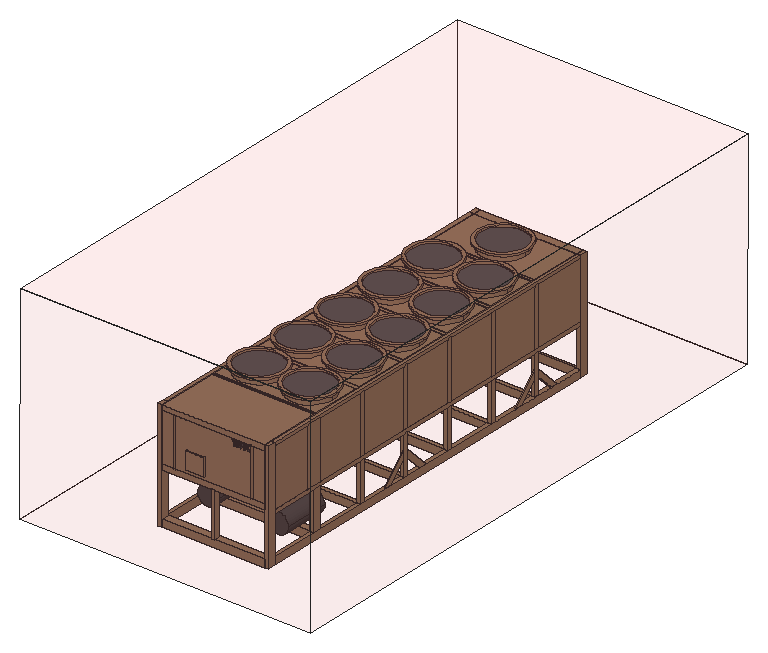
Revit family (continued)
Definition of nested family "Liquid Chiller, Direct Expansion Plan View"
  Dimensions and locks (in)
    equal spacing: plane 27 "Bottom Arrow Left", plane 13 "Bottom Arrow", plane 28 "Bottom Arrow Right"
    "Arrow Height": plane 27 "Bottom Arrow Left" to plane 28 "Bottom Arrow Right"
    "Arrow Depth": plane 29 "Arrow Middle" to plane 3 "Left"
    equal spacing: plane 16 "Arrow Left", plane 29 "Arrow Middle", plane 17 "Arrow Right"
    "Arrow Width": plane 16 "Arrow Left" to plane 17 "Arrow Right"
    plane 30 "Lettering" to plane 15 "Arrow Lines" = 6"
    "Pipe Radius": plane 21 "Bottom Curve" to plane 7 "Water In Line"
    "Pipe Gap": plane 6 "Return Line" to plane 7 "Water In Line"
    aligned and locked: curve 1 to plane 8 "Top"
    aligned and locked: curve 3 to plane 9 "Bottom"
    aligned and locked: curve 4 to plane 4 "Right"
    aligned and locked: plane 6 "Return Line" to curve 5
    aligned and locked: nested 3 to plane 7 "Water In Line"
    aligned and locked: nested 2 to plane 6 "Return Line"
    aligned and locked: plane 11 "Top Arrow" to curve 7
    aligned and locked: Filled region 1 to plane 19 "Top Arrow Right"  (x2)
    aligned and locked: Filled region 1 sketch curve to plane 19 "Top Arrow Right"
    aligned and locked: Filled region 1 sketch curve to plane 18 "Top Arrow Left"
    aligned and locked: curve 7 to Filled region 1 sketch curve
    aligned and locked: plane 13 "Bottom Arrow" to curve 11
    aligned and locked: plane 22 "Bottom Arrow Line" to curve 11
    aligned and locked: curve 12 to plane 15 "Arrow Lines"
    aligned and locked: plane 15 "Arrow Lines" to curve 13
    aligned and locked: curve 12 to plane 6 "Return Line"
    aligned and locked: curve 13 to plane 7 "Water In Line"
    aligned and locked: plane 23 "Water Out Top" to Filled region 2 sketch curve
    aligned and locked: plane 24 "Water Out Bottom" to Filled region 2 sketch curve
    aligned and locked: Filled region 2 sketch curve to plane 16 "Arrow Left"
    aligned and locked: plane 16 "Arrow Left" to Filled region 3 sketch curve
    aligned and locked: Filled region 3 sketch curve to plane 26 "Water In Top"
    aligned and locked: Filled region 3 sketch curve to plane 25 "Water In Bottom"
    aligned and locked: plane 17 "Arrow Right" to Filled region 3 sketch curve
    aligned and locked: plane 9 "Bottom" to Filled region 4 sketch curve
    aligned and locked: Filled region 4 sketch curve to plane 12 "Bottom Arrow Bottom"
    aligned and locked: plane 27 "Bottom Arrow Left" to Filled region 4 sketch curve
    aligned and locked: plane 28 "Bottom Arrow Right" to Filled region 4 sketch curve
    aligned and locked: nested 1 to plane 4 "Right"
    aligned and locked: nested 3 to plane 30 "Lettering"
    aligned and locked: plane 30 "Lettering" to nested 2
    aligned and locked: plane 21 "Bottom Curve" to curve 10
    aligned and locked: curve 8 to plane 20 "Top Curve"
  Automatic sketch dimensions
    Filled region 1 sketch curve to plane 11 "Top Arrow" = 0"
    curve 10 to plane 7 "Water In Line" = 0"
    curve 9 to plane 10 = 0"
    curve 7 to plane 10 = 0"
    plane 18 "Top Arrow Left" to curve 5 = 2.57508"
    plane 18 "Top Arrow Left" to curve 10 = 2.55577"
    Filled region 2 sketch curve to plane 6 "Return Line" = 0"
    Filled region 2 sketch curve to plane 17 "Arrow Right" = 0"
    Filled region 3 sketch curve to plane 7 "Water In Line" = 0"
    curve 2 to plane 3 "Left" = 0"
    Filled region 4 sketch curve to plane 13 "Bottom Arrow" = 0"
  Nested families (in)
    nested 1: "LABEL" at (81.59278, 4.07865, 0) x (8, 0, 0) z (0, 0, 8), type "LABEL", in view "Ref. Level", detail levels coarse
      with Keynote "L"
    nested 2: "LABEL" at (-44.34472, 71.71819, 0) x (8, 0, 0) z (0, 0, 8), type "LABEL", in view "Ref. Level", detail levels coarse
      with Keynote "RS"
    nested 3: "LABEL" at (-44.34472, -12.79352, 0) x (8, 0, 0) z (0, 0, 8), type "LABEL", in view "Ref. Level", detail levels coarse
      with Keynote "RL"
  Definition of nested family "LABEL"
    Parameters
      Keynote [instance] = ""
    Reference planes (in)
      plane 1: y = 0
      plane 2: x = 0
    Text (in)
      label "Keynote" at (0.01999, 0.00618, 0), shows "Keynote"
Definition of nested family "Liquid Chiller, Direct Expansion Right View"
  Parameters (values of type "Liquid Chiller, Direct Expansion Right View")
    Pipe Height = 24"
    Pipe Depth = 84"
    Height = 72"
    Depth = 120"
    Assembly Code = ""
    Arrow Width = Arrow Length / 4  # 4.8"
    Arrow Length = (Height + Depth) / 10  # 19.2"
    Arrow Height = Arrow Width / 4  # 1.2"
    Arrow Depth = Arrow Length / 2  # 9.6"
  Reference planes (in)
    plane 1 "Center (Left/Right)": y = -9.59431
    plane 2: z = 0
    plane 3 "Left": x = -13.92887
    plane 4 "Right": x = 106.07113
    plane 5 "Center (Front/Back)": x = 70.07113
    plane 6 "Top": y = 38.40569
    plane 7 "Bottom": y = -33.59431
    plane 8 "Arrow Tails": x = -33.12887
    plane 9 "Arrows Top": y = -8.99431
    plane 10 "Arrows Bottom": y = -10.19431
    plane 11 "Arrow In Back": x = -25.92887
    plane 12 "Arrow Centers": x = -21.12887
    plane 13 "Arrow In Center": x = -23.52887
    plane 14 "Lettering": x = -39.12887
    plane 15 "Arrow Out Back": x = -16.32887
    plane 16 "Arrow Out Middle": x = -18.72887
  Lines and regions (in)
    Filled region 1, type "Solid Fill - Black", in view "Ref. Level", detail levels coarse
      outline origin (0, 0, 0) x (1, 0, 0) y (0, 1, 0)
        loop
          line (-25.92887, -8.99431) -> (-25.92887, -10.19431) -> (-21.12887, -9.59431) -> (-25.92887, -8.99431)
    Filled region 2, type "Solid Fill - Black", in view "Ref. Level", detail levels coarse
      outline origin (-42.25773, 0, 0) x (0, 1, 0) y (-1, 0, 0)
        loop
          line (-8.99431, -25.92887) -> (-9.59431, -21.12887) -> (-10.19431, -25.92887) -> (-8.99431, -25.92887)
    detail lines, in view "Ref. Level", detail levels coarse
      curve 1: line (-13.92887, 38.40569, 0) -> (106.07113, 38.40569, 0)
      curve 2: line (-13.92887, -33.59431, 0) -> (-13.92887, 38.40569, 0)
      curve 3: line (106.07113, -33.59431, 0) -> (-13.92887, -33.59431, 0)
      curve 4: line (106.07113, 38.40569, 0) -> (106.07113, -33.59431, 0)
    detail lines, style "DetailComponents", in view "Ref. Level", detail levels coarse
      curve 5: line (-33.12887, -9.59431, 0) -> (-13.92887, -9.59431, 0)
    detail lines, style "DetailComponentsHiddenLines", in view "Ref. Level", detail levels coarse
      curve 6: line (-13.92887, -9.59431, 0) -> (70.07113, -9.59431, 0)
  Dimensions and locks (in)
    "Height": plane 6 "Top" to plane 7 "Bottom"
    "Depth": plane 3 "Left" to plane 4 "Right"
    "Pipe Depth": plane 3 "Left" to plane 5 "Center (Front/Back)"
    plane 5 "Center (Front/Back)" to plane 4 "Right" = 36"
    "Pipe Height": plane 1 "Center (Left/Right)" to plane 7 "Bottom"
    "Arrow Length": plane 8 "Arrow Tails" to plane 3 "Left"
    equal spacing: plane 9 "Arrows Top", plane 1 "Center (Left/Right)", plane 10 "Arrows Bottom"
    equal spacing: plane 11 "Arrow In Back", plane 13 "Arrow In Center", plane 12 "Arrow Centers"
    "Arrow Width": plane 11 "Arrow In Back" to plane 12 "Arrow Centers"
    "Arrow Height": plane 9 "Arrows Top" to plane 10 "Arrows Bottom"
    "Arrow Depth": plane 13 "Arrow In Center" to plane 3 "Left"
    plane 14 "Lettering" to plane 8 "Arrow Tails" = 6"
    plane 15 "Arrow Out Back" to plane 16 "Arrow Out Middle" = 2.4"
    aligned and locked: curve 1 to plane 6 "Top"
    aligned and locked: curve 3 to plane 7 "Bottom"
    aligned and locked: curve 4 to plane 4 "Right"
    aligned and locked: plane 1 "Center (Left/Right)" to curve 5
    aligned and locked: plane 1 "Center (Left/Right)" to curve 6
    aligned and locked: plane 1 "Center (Left/Right)" to nested 1
    aligned and locked: plane 8 "Arrow Tails" to curve 5
    aligned and locked: plane 11 "Arrow In Back" to Filled region 1 sketch curve
    aligned and locked: Filled region 1 sketch curve to curve 6
    aligned and locked: plane 12 "Arrow Centers" to Filled region 1 sketch curve
    aligned and locked: plane 9 "Arrows Top" to Filled region 1 sketch curve
    aligned and locked: plane 10 "Arrows Bottom" to Filled region 1 sketch curve
    aligned and locked: nested 1 to plane 14 "Lettering"
    aligned and locked: plane 12 "Arrow Centers" to Filled region 2 sketch curve
    aligned and locked: plane 15 "Arrow Out Back" to Filled region 2 sketch curve
    aligned and locked: plane 10 "Arrows Bottom" to Filled region 2 sketch curve
  Automatic sketch dimensions
    curve 2 to plane 3 "Left" = 0"
    curve 6 to plane 5 "Center (Front/Back)" = 0"
    Filled region 2 sketch curve to plane 1 "Center (Left/Right)" = 0"
    Filled region 2 sketch curve to plane 9 "Arrows Top" = 0"
  Nested families (in)
    nested 1: "LABEL" at (-39.12887, -9.59431, 0) x (12, 0, 0) z (0, 0, 12), type "LABEL", in view "Ref. Level", detail levels coarse
      with Keynote "RL"
  Definition of nested family "LABEL"
    Parameters
      Keynote [instance] = ""
    Reference planes (in)
      plane 1: y = 0
      plane 2: x = 0
    Text (in)
      label "Keynote" at (0.01999, 0.00618, 0), shows "Keynote"
Definition of nested family "Liquid Chiller, Direct Expansion 3_D"
  Parameters
    Width = 72"
    Right Pipe Elevation = 12"
    Left Pipe Elevation = 36"
    Height = 36"
    Depth = 72"
  Reference planes (in)
    plane 1 "Center (Front/Back)": y = 0
    plane 2 "Bottom": z = 0
    plane 3 "Center (Left/Right)": x = 0
    plane 4 "Left": x = -36
    plane 5 "Right": x = 36
    plane 6 "Back": y = 36
    plane 7 "Front": y = -36
    plane 8 "Arrow Head Back": y = -22
    plane 9 "Arrow Head Point": y = -14
    plane 10 "Arrow Head Middle": y = -18
    plane 11 "Left Pipe Elevation": z = 36
    plane 12 "Right Pipe Elevation": z = 12
  Lines and regions (in)
    model lines, detail levels coarse
      curve 1: line (-36, -36, 36) -> (-36, 0, 36)
      curve 2: line (36, -36, 12) -> (36, 0, 12)
    model lines, style "GenericModelHiddenLines", detail levels coarse
      curve 3: line (-36, 0, 36) -> (-36, 36, 36)
      curve 4: line (36, 36, 12) -> (36, 0, 12)
      curve 9: line (36, 36, 12) -> (-36, 36, 36)
    model lines, style "GenericModel", detail levels coarse
      curve 5: line (-36, -22, 36) -> (-38.07055, -14, 36)
      curve 6: line (-36, -22, 36) -> (-33.92945, -14, 36)
      curve 7: line (36, -14, 12) -> (33.92945, -22, 12)
      curve 8: line (36, -14, 12) -> (38.07055, -22, 12)
  Dimensions and locks (in)
    "Depth": plane 6 "Back" to plane 7 "Front"
    "Width": plane 4 "Left" to plane 5 "Right"
    equal spacing: plane 6 "Back", plane 1 "Center (Front/Back)", plane 7 "Front"
    equal spacing: plane 4 "Left", plane 3 "Center (Left/Right)", plane 5 "Right"
    equal spacing: plane 9 "Arrow Head Point", plane 10 "Arrow Head Middle", plane 8 "Arrow Head Back"
    equal spacing: plane 1 "Center (Front/Back)", plane 10 "Arrow Head Middle", plane 7 "Front"
    locked: plane 9 "Arrow Head Point" to plane 8 "Arrow Head Back" at 8
    "Right Pipe Elevation": plane 2 "Bottom" to plane 12 "Right Pipe Elevation"
    "Left Pipe Elevation": plane 2 "Bottom" to plane 11 "Left Pipe Elevation"
    aligned and locked: curve 9 to curve 8
  Automatic sketch dimensions
    curve 8 to plane 8 "Arrow Head Back" = 0"
    curve 2 to plane 5 "Right" = 0"
    curve 8 to plane 5 "Right" = 0"
    curve 7 to plane 8 "Arrow Head Back" = 0"
    curve 4 to plane 6 "Back" = 0"
    curve 4 to plane 1 "Center (Front/Back)" = 0"
    curve 7 to plane 9 "Arrow Head Point" = 0"
    curve 2 to plane 7 "Front" = 0"
    curve 8 to plane 5 "Right" = 2.07055"
    plane 5 "Right" to curve 7 = 2.07055"
    curve 6 to plane 9 "Arrow Head Point" = 0"
    curve 3 to plane 4 "Left" = 0"
    curve 5 to plane 4 "Left" = 0"
    curve 5 to plane 9 "Arrow Head Point" = 0"
    curve 3 to plane 1 "Center (Front/Back)" = 0"
    curve 5 to plane 8 "Arrow Head Back" = 0"
    curve 1 to plane 7 "Front" = 0"
    curve 6 to plane 4 "Left" = 2.07055"
    plane 4 "Left" to curve 5 = 2.07055"
    curve 3 to plane 6 "Back" = 0"
    curve 9 to plane 5 "Right" = 0"
    curve 9 to plane 4 "Left" = 0"
    curve 9 to plane 11 "Left Pipe Elevation" = 0"
